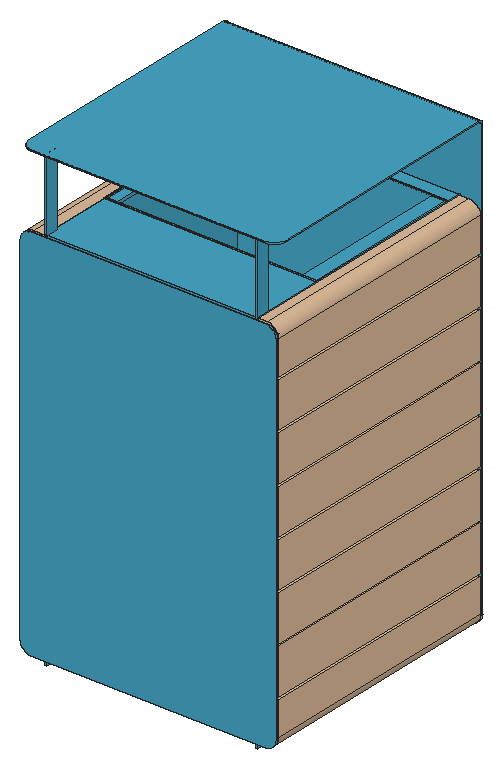
Revit family "product code 61214-S-L", category Meble, Revit 2021
Family settings
  Numer OmniClass = 23.40.20.00
  Tytuł OmniClass = General Furniture and Specialties
  Oparty na płaszczyźnie roboczej = Nie
  Zawsze pionowo = Tak
  Tnij formami wycięć po wczytaniu = Nie
  Współdzielony = Nie
  Punkt obliczania pomieszczeń = Nie
Parameters (values of type "61214-S-L")
  wood = Kobenhagen Wood - Larch
  metal = Kobenhagen RAL 5012
  Width = "51 cm"
  Weight = "50 kg"
  URL = "https://kobenhagen.com/en_US/p/Frederiksberg-Waste-Bin/147"
  Size = "70 L"
  Product line = "Frederiksberg"
  Product Groups = "Waste Bins"
  Producent = "Lars Laj"
  Keynote = ""
  Opis = "Frederiksberg Waste Bin"
  Model = "61214-S-L"
  Material = "Larch, stainless steel, powder coated steel"
  Maintenance = "We recommend to examine and tighten all screws and bolt clamps after a few weeks’ use. In order to prevent cracks and to extend the life of the wood, it is recommended that the wood details should be oiled every 3-5 years."
  Lenght = "51 cm"
  Type Comments = ""
  Kobenhagen Materials = "larslaj.com/bim"
  Hosted on larslaj.com = "https://larslaj.com/bim"
  Height = "90 cm"
  Domyślna rzędna = 0 mm
  Copyright = "All designs and drawings are the intellectual property of Lars Laj A/S and are protected by Danish and international copyright laws."
Reference planes
  plane 1 "front": y = 0
  plane 2: z = 0
  plane 3 "Środek (Lewa/Prawa)": x = 0
  plane 4 "back": y = 575.242
Forms (mm)
  Extrusion 1, solid, material "Kobenhagen RAL 5012" <- "metal", not visible
    sketch origin (0, 0, 0) x (0, 1, 0) y (0, 0, 1)
      loop
        arc (71.187, 451.5) -> (57.045, 445.642) -> (51.187, 431.5) r 20
        line (51.187, 431.5) -> (51.187, 18.231)
        arc (51.187, 18.231) -> (56.527, 5.34) -> (69.418, 0) r 18.231
        line (69.418, 0) -> (153.638, 0) -> (153.638, 15) -> (448.638, 15) -> (448.638, 0) -> (527.023, 0)
        arc (527.023, 0) -> (542.307, 6.331) -> (548.638, 21.615) r 21.615
        line (548.638, 21.615) -> (548.638, 429.407)
        arc (548.638, 429.407) -> (542.168, 445.029) -> (526.545, 451.5) r 22.093
        line (526.545, 451.5) -> (71.187, 451.5)
    from 750.378 to 745
  Extrusion 2, solid, material "Kobenhagen RAL 5012" <- "metal", not visible
    sketch origin (0, 0, 0) x (0, 1, 0) y (0, 0, 1)
      loop
        line (548.638, 396.844) -> (629.375, 854.725) -> (601.836, 859.581)
        arc (601.836, 859.581) -> (585.224, 855.898) -> (576.082, 841.547) r 22.232
        line (576.082, 841.547) -> (507.306, 451.5) -> (526.545, 451.5)
        arc (526.545, 451.5) -> (542.168, 445.029) -> (548.638, 429.407) r 22.093
        line (548.638, 429.407) -> (548.638, 396.844)
    from 745 to 750.378
  Extrusion 3, solid, material "Kobenhagen Wood - Larch" <- "wood"
    sketch origin (6.56, 533.799, 35) x (1, 0, 0) y (0, 0, 1)
      loop
        line (255, 642) -> (255, 709.621)
        arc (255, 709.621) -> (248.454, 725.424) -> (232.65, 731.97) r 22.35
        line (232.65, 731.97) -> (212, 731.97) -> (212, 642) -> (255, 642)
    from 0 to 500
  Extrusion 4, solid, material "Kobenhagen Wood - Larch" <- "wood"
    sketch origin (6.56, 533.799, 35) x (-1, 0, 0) y (0, 0, -1)
      loop
        line (255, -642) -> (212, -642) -> (212, -731.97) -> (232.65, -731.97)
        arc (232.65, -731.97) -> (248.454, -725.424) -> (255, -709.621) r 22.35
        line (255, -709.621) -> (255, -642)
    from 0 to 500
  Extrusion 5, solid, material "Kobenhagen Wood - Larch" <- "wood"
    sketch origin (6.56, 533.799, 744) x (1, 0, 0) y (0, 0, 1)
      loop
        line (255, -642) -> (212, -642) -> (212, -731.97) -> (232.65, -731.97)
        arc (232.65, -731.97) -> (248.454, -725.424) -> (255, -709.621) r 22.35
        line (255, -709.621) -> (255, -642)
    from 0 to 500
  Extrusion 6, solid, material "Kobenhagen Wood - Larch" <- "wood"
    sketch origin (6.56, 533.799, 744) x (-1, 0, 0) y (0, 0, -1)
      loop
        line (255, 642) -> (255, 709.621)
        arc (255, 709.621) -> (248.454, 725.424) -> (232.65, 731.97) r 22.35
        line (232.65, 731.97) -> (212, 731.97) -> (212, 642) -> (255, 642)
    from 0 to 500
  Extrusion 7, solid, material "Kobenhagen Wood - Larch" <- "wood"
    sketch origin (6.56, 533.799, 839) x (-1, 0, 0) y (0, 0, -1)
      loop
        line (255, 642) -> (255, 731.97) -> (212, 731.97) -> (212, 642) -> (255, 642)
    from 0 to 500
  Extrusion 8, solid, material "Kobenhagen Wood - Larch" <- "wood"
    sketch origin (6.56, 533.799, 934) x (-1, 0, 0) y (0, 0, -1)
      loop
        line (255, 642) -> (255, 731.97) -> (212, 731.97) -> (212, 642) -> (255, 642)
    from 0 to 500
  Extrusion 9, solid, material "Kobenhagen Wood - Larch" <- "wood"
    sketch origin (6.56, 533.799, 1029) x (-1, 0, 0) y (0, 0, -1)
      loop
        line (255, 642) -> (255, 731.97) -> (212, 731.97) -> (212, 642) -> (255, 642)
    from 0 to 500
  Extrusion 10, solid, material "Kobenhagen Wood - Larch" <- "wood"
    sketch origin (6.56, 533.799, 1124) x (-1, 0, 0) y (0, 0, -1)
      loop
        line (255, 642) -> (255, 731.97) -> (212, 731.97) -> (212, 642) -> (255, 642)
    from 0 to 500
  Extrusion 11, solid, material "Kobenhagen Wood - Larch" <- "wood"
    sketch origin (6.56, 533.799, 1219) x (-1, 0, 0) y (0, 0, -1)
      loop
        line (255, 642) -> (255, 731.97) -> (212, 731.97) -> (212, 642) -> (255, 642)
    from 0 to 500
  Extrusion 12, solid, material "Kobenhagen Wood - Larch" <- "wood"
    sketch origin (6.56, 533.799, 1314) x (-1, 0, 0) y (0, 0, -1)
      loop
        line (255, 642) -> (255, 731.97) -> (212, 731.97) -> (212, 642) -> (255, 642)
    from 0 to 500
  Extrusion 13, solid, material "Kobenhagen Wood - Larch" <- "wood"
    sketch origin (6.56, 533.799, 839) x (1, 0, 0) y (0, 0, 1)
      loop
        line (255, -642) -> (212, -642) -> (212, -731.97) -> (255, -731.97) -> (255, -642)
    from 0 to 500
  Extrusion 14, solid, material "Kobenhagen Wood - Larch" <- "wood"
    sketch origin (6.56, 533.799, 934) x (1, 0, 0) y (0, 0, 1)
      loop
        line (255, -642) -> (212, -642) -> (212, -731.97) -> (255, -731.97) -> (255, -642)
    from 0 to 500
  Extrusion 15, solid, material "Kobenhagen Wood - Larch" <- "wood"
    sketch origin (6.56, 533.799, 1029) x (1, 0, 0) y (0, 0, 1)
      loop
        line (255, -642) -> (212, -642) -> (212, -731.97) -> (255, -731.97) -> (255, -642)
    from 0 to 500
  Extrusion 16, solid, material "Kobenhagen Wood - Larch" <- "wood"
    sketch origin (6.56, 533.799, 1124) x (1, 0, 0) y (0, 0, 1)
      loop
        line (255, -642) -> (212, -642) -> (212, -731.97) -> (255, -731.97) -> (255, -642)
    from 0 to 500
  Extrusion 17, solid, material "Kobenhagen Wood - Larch" <- "wood"
    sketch origin (6.56, 533.799, 1219) x (1, 0, 0) y (0, 0, 1)
      loop
        line (255, -642) -> (212, -642) -> (212, -731.97) -> (255, -731.97) -> (255, -642)
    from 0 to 500
  Extrusion 18, solid, material "Kobenhagen Wood - Larch" <- "wood"
    sketch origin (6.56, 533.799, 1314) x (1, 0, 0) y (0, 0, 1)
      loop
        line (255, -642) -> (212, -642) -> (212, -731.97) -> (255, -731.97) -> (255, -642)
    from 0 to 500
  Extrusion 19, solid, material "Kobenhagen RAL 5012" <- "metal"
    sketch origin (6.56, 533.799, 35) x (1, 0, 0) y (0, 0, 1)
      loop
        arc (-233.5, 731.97) -> (-248.703, 725.673) -> (-255, 710.47) r 21.5
        line (-255, 710.47) -> (-255, -1.454)
        arc (-255, -1.454) -> (-248.703, -16.657) -> (-233.5, -22.954) r 21.5
        line (-233.5, -22.954) -> (233.5, -22.954)
        arc (233.5, -22.954) -> (248.703, -16.657) -> (255, -1.454) r 21.5
        line (255, -1.454) -> (255, 710.47)
        arc (255, 710.47) -> (248.703, 725.673) -> (233.5, 731.97) r 21.5
        line (233.5, 731.97) -> (-233.5, 731.97)
    from 505 to 506.738
  Extrusion 20, solid
    sketch origin (6.56, 33.799, 37.5) x (1, 0, 0) y (0, 0, -1)
      loop
        line (-171.5, -724.5) -> (183.5, -724.5)
        arc (183.5, -724.5) -> (198.703, -718.203) -> (205, -703) r 21.5
        line (205, -703) -> (205, -19)
        arc (205, -19) -> (198.703, -3.797) -> (183.5, 2.5) r 21.5
        line (183.5, 2.5) -> (-171.5, 2.5)
        arc (-171.5, 2.5) -> (-186.703, -3.797) -> (-193, -19) r 21.5
        line (-193, -19) -> (-193, -703)
        arc (-193, -703) -> (-186.703, -718.203) -> (-171.5, -724.5) r 21.5
    from 503 to 505
  Extrusion 21, solid
    sketch origin (6.56, 533.799, 0) x (1, 0, 0) y (0, 1, 0)
      loop
        line (-233.5, 0) -> (-233.5, -500) -> (232, -500) -> (232, 0) -> (-233.5, 0)
    from 12 to 19
  Extrusion 22, solid
    sketch origin (6.56, 533.799, 0) x (1, 0, 0) y (0, 1, 0)
      loop
        line (-201.598, -29.603) -> (-201.598, -79.603) -> (-151.598, -79.603) -> (-151.598, -29.603) -> (-201.598, -29.603)
      loop
        line (151.598, -79.603) -> (201.598, -79.603) -> (201.598, -31.623) -> (151.598, -31.623) -> (151.598, -79.603)
      loop
        line (-201.598, -420.397) -> (-201.598, -470.397) -> (-151.598, -470.397) -> (-151.598, -420.397) -> (-201.598, -420.397)
      loop
        line (151.598, -420.397) -> (151.598, -470.397) -> (201.598, -470.397) -> (201.598, -420.397) -> (151.598, -420.397)
    from 0 to 12
  Extrusion 23, solid, material "Kobenhagen RAL 5012" <- "metal"
    sketch origin (6.56, 533.799, 0) x (0, 1, 0) y (0, 0, 1)
      loop
        line (-470.397, 911.738) -> (0, 911.738)
        arc (0, 911.738) -> (2.121, 910.859) -> (3, 908.738) r 3
        line (3, 908.738) -> (3, 32.084) -> (5, 32.084) -> (5, 908.971)
        arc (5, 908.971) -> (3.604, 912.342) -> (0.233, 913.738) r 4.767
        line (0.233, 913.738) -> (-470.397, 913.738) -> (-470.397, 911.738)
    from -255 to 255
  Extrusion 24, void
    sketch origin (15.31, 538.799, 909.738) x (0, 0, 1) y (-1, 0, 0)
      loop
        line (-147.738, -172.021) -> (-147.738, 182.979)
        arc (-147.738, 182.979) -> (-154.035, 198.182) -> (-169.238, 204.479) r 21.5
        line (-169.238, 204.479) -> (-853.238, 204.479)
        arc (-853.238, 204.479) -> (-868.441, 198.182) -> (-874.738, 182.979) r 21.5
        line (-874.738, 182.979) -> (-874.738, -172.021)
        arc (-874.738, -172.021) -> (-868.441, -187.224) -> (-853.238, -193.521) r 21.5
        line (-853.238, -193.521) -> (-169.238, -193.521)
        arc (-169.238, -193.521) -> (-154.035, -187.224) -> (-147.738, -172.021) r 21.5
    from 0 to 250
  Extrusion 25, solid, material "Kobenhagen RAL 5012" <- "metal"
    sketch origin (6.56, 533.799, 0) x (1, 0, 0) y (0, 0, 1)
      loop
        line (-193, 740.5) -> (-193, 56.5)
        arc (-193, 56.5) -> (-186.703, 41.297) -> (-171.5, 35) r 21.5
        line (-171.5, 35) -> (183.5, 35)
        arc (183.5, 35) -> (198.703, 41.297) -> (205, 56.5) r 21.5
        line (205, 56.5) -> (205, 740.5)
        arc (205, 740.5) -> (198.703, 755.703) -> (183.5, 762) r 21.5
        line (183.5, 762) -> (-171.5, 762)
        arc (-171.5, 762) -> (-186.703, 755.703) -> (-193, 740.5) r 21.5
    from -10.674 to -5
  Extrusion 26, solid, material "Kobenhagen RAL 5012" <- "metal"
    sketch origin (6.56, 533.799, 0) x (1, 0, 0) y (0, 1, 0)
      loop
        line (-212, -475) -> (-212, -500) -> (-207.717, -500) -> (-207.717, -475) -> (-212, -475)
      loop
        line (212, -475) -> (207.717, -475) -> (207.717, -500) -> (212, -500) -> (212, -475)
    from 0 to 911.738
  Extrusion 27, solid, material "Kobenhagen RAL 5012" <- "metal"
    sketch origin (-1264.87, -498.239, 0) x (1, 0, 0) y (0, 1, 0)
      loop
        line (1083.429, 680.3) -> (1452.03, 680.3) -> (1452.03, 1008.562) -> (1083.429, 1008.562) -> (1083.429, 680.3)
      loop
        line (1061.429, 532.562) -> (1483.429, 532.562) -> (1483.429, 1035.562) -> (1061.429, 1035.562) -> (1061.429, 532.562)
    from 762 to 766.97
  Extrusion 28, solid, material "Kobenhagen RAL 5012" <- "metal"
    sketch origin (6.56, 533.799, 0) x (1, 0, 0) y (0, 1, 0)
      loop
        line (-212, -23.476) -> (-212, -351.738) -> (212, -351.738) -> (212, -23.476) -> (-212, -23.476)
      loop
        line (-208.789, -26.871) -> (-208.789, -349.515) -> (208.6, -349.515) -> (208.6, -26.871) -> (-208.789, -26.871)
    from 19 to 766.97
  Extrusion 29, solid
    sketch origin (6.56, 533.799, 0) x (1, 0, 0) y (0, 0, 1)
      loop
        arc (-257.105, 32.084) -> (-253.172, 19.776) -> (-242.831, 12.03) r 21.224
        line (-242.831, 12.03) -> (233.952, 12.03)
        arc (233.952, 12.03) -> (248.647, 17.822) -> (255.438, 32.084) r 21.537
        line (255.438, 32.084) -> (-257.105, 32.084)
    from -5 to -3
  Extrusion 30, solid, material "Kobenhagen RAL 5012" <- "metal"
    sketch origin (0, 0, 0) x (1, 0, 0) y (0, 1, 0)
      loop
        line (261.56, 63.402) -> (-248.44, 63.402) -> (-248.44, 49.061)
        arc (-248.44, 49.061) -> (-241.997, 33.505) -> (-226.44, 27.061) r 22
        line (-226.44, 27.061) -> (239.56, 27.061)
        arc (239.56, 27.061) -> (255.116, 33.505) -> (261.56, 49.061) r 22
        line (261.56, 49.061) -> (261.56, 63.402)
    from 911.738 to 913.738
Cuts and joins
  joined: Extrusion 23, Extrusion 30
Lines and regions (mm)
  symbolic lines
    curve 1: arc (352.385, 55.139, 0) -> (358.348, 40.742, 0) -> (372.744, 34.779, 0) r 20.36
Dimensions and locks
  aligned and locked: level to plane 2
  aligned and locked: Extrusion 30 to Extrusion 23
  aligned and locked: Extrusion 23 to Extrusion 30
